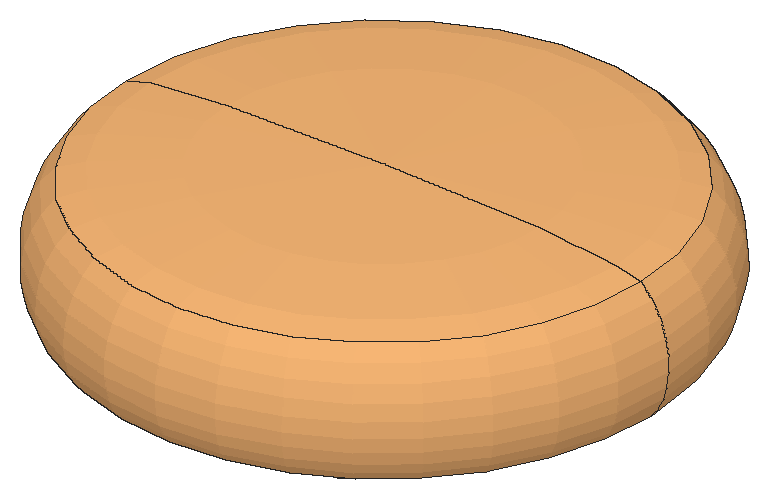
Revit family "Pix - 3003", category Arredi, Revit 2014
Parameters
  URL = "http://www.arper.com"
  Produttore = "ARPER s.p.a."  # constant formula
  Modello = "Pix 177"  # constant formula
  Descrizione = "Five seater ottoman. Upholstery available in fabric, leather, faux\r\nleather or customer's material. Fitted with glides. Diameter 177 cm."
  Copyright [instance] = "ARPER s.p.a."  # constant formula
  Arper - Glides material [instance] = Arper - generic glides
  Arper - Cover material [instance] = Arper - generic texture
  Arper - Article code [instance] = "art.3003"  # constant formula
Reference planes
  plane 1 "Centro (Fronte/Retro)": y = 0
  plane 2: z = 0
  plane 3 "Centro (Sinistra/Destra)": x = 0
Forms (mm)
  Revolve 1, solid, material "Arper - generic texture" <- "Arper - Cover material"
    sketch origin (0, 0, 0) x (1, 0, 0) y (0, 0, 1)
      loop
        line (0, 449) -> (0, 19) -> (779.42, 19)
        spline (779.42, 19) -> (804.863, 22.653) -> (827.786, 35.558) -> (847.65, 56.469) -> (863.918, 84.138) -> (876.05, 117.315) -> (883.51, 154.755) -> (885.759, 195.208) -> (882.258, 237.426) -> (872.47, 280.163) -> (855.857, 322.17) -> (831.879, 362.198) -> (800.001, 399)
        spline (800.001, 399) -> (791.065, 403.367) -> (776.224, 408.295) -> (754.1, 413.606) -> (723.316, 419.119) -> (682.494, 424.657) -> (630.258, 430.038) -> (565.229, 435.084) -> (486.031, 439.615) -> (391.287, 443.452) -> (279.618, 446.414) -> (149.648, 448.324) -> (0, 449)
      axis (0, 449) -> (0, 19)
    angle from 0 to 360
  Extrusion 2, solid, material "Arper - generic glides" <- "Arper - Glides material"
    sketch origin (-250.981, -204.383, 0) x (1, 0, 0) y (0, 1, 0)
      loop
        circle (250.981, 204.383) r 39
    from 0 to 25
  Extrusion 3, solid, material "Arper - generic glides" <- "Arper - Glides material"
    sketch origin (58.623, -535.523, 0) x (0.573576, -0.819152, 0) y (0.819152, 0.573576, 0)
      loop
        circle (250.981, 204.383) r 39
    from 0 to 25
  Extrusion 4, solid, material "Arper - generic glides" <- "Arper - Glides material"
    sketch origin (-474.019, -204.383, 0) x (-1, 0, 0) y (0, -1, 0)
      loop
        circle (250.981, -204.383) r 39
    from 0 to 25
  Extrusion 5, solid, material "Arper - generic glides" <- "Arper - Glides material"
    sketch origin (474.019, -204.383, 0) x (1, 0, 0) y (0, 1, 0)
      loop
        circle (250.981, 204.383) r 39
    from 0 to 25
  Extrusion 6, solid, material "Arper - generic glides" <- "Arper - Glides material"
    sketch origin (58.623, 535.523, 0) x (0.573576, 0.819152, 0) y (-0.819152, 0.573576, 0)
      loop
        circle (250.981, -204.383) r 39
    from 0 to 25
  Extrusion 7, solid, material "Arper - generic glides" <- "Arper - Glides material"
    sketch origin (-58.623, -535.523, 0) x (-0.573576, -0.819152, 0) y (0.819152, -0.573576, 0)
      loop
        circle (250.981, -204.383) r 39
    from 0 to 25
  Extrusion 8, solid, material "Arper - generic glides" <- "Arper - Glides material"
    sketch origin (-58.623, 535.523, 0) x (-0.573576, 0.819152, 0) y (-0.819152, -0.573576, 0)
      loop
        circle (250.981, 204.383) r 39
    from 0 to 25
Dimensions and locks
  aligned and locked: level to plane 2
